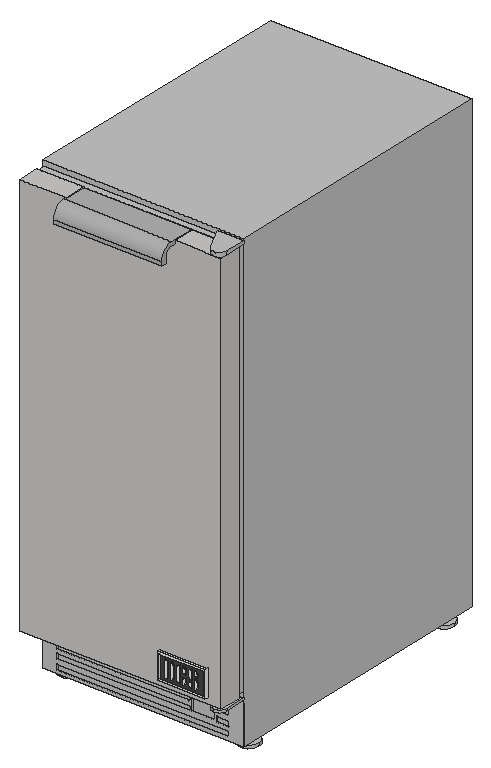
Revit family "RF15IR2_Outdoor_Fridge_9000xxxxxxA", category Specialty Equipment, Revit 2018
Family settings
  Round Connector Dimension = Use Diameter
  Part Type = Normal
  OmniClass Number = 23.40.40.00
  OmniClass Title = Food Service Equipment and Furnishings
  Work Plane-Based = No
  Always vertical = Yes
  Cut with Voids When Loaded = Yes
  Shared = No
  Room Calculation Point = No
Parameters
  Visibility - Clearance Required = yes
  URL = "www.dcsappliances.com"
  Product - Width = 378 mm  # constant formula
  Product - Height (870mm to 889mm) = 870 mm
  Product - Depth = 630 mm  # constant formula
  Model = "RF15IR2"
  Material - Handle = DCS - Aluminium
  Material - Door Front = DCS - Stainless Steel
  Material - Body = DCS - Grey
  Manufacturer = "Fisher & Paykel Appliances"
  Keynote = ""
  Description = "Outdoor Clear Ice Maker"
  Connector Description - Electrical = "110-120 V, 60 Hz, 15 A dedicated circuit"
  Chassis - Width = 378 mm  # constant formula
  Chassis - Height = 854 mm  # constant formula
  Chassis - Depth = 546 mm  # constant formula
  Cavity - Width = 381 mm  # constant formula
  Cavity - Height (876mm to 895mm) = 889 mm  # constant formula
  Cavity - Depth = 610 mm  # constant formula
Reference planes
  plane 1 "Center (Front/Back)": y = 0
  plane 2: z = 0
  plane 3 "Center (Left/Right)": x = 0
  plane 4 "Product - LHS": x = -189
  plane 5 "Product - RHS": x = 189
  plane 6 "Cavity - LHS": x = -190.5
  plane 7 "Cavity - RHS": x = 190.5
  plane 8 "Product - Height": z = 870
  plane 9 "Cavity - Height": z = 876
  plane 10 "Chassis - Base": z = 16
  plane 11 "Door Front": y = -54
  plane 12 "Product - Depth": y = 546
  plane 13 "Cavity - Depth": y = 610
Forms (mm)
  Extrusion 1, solid, material "DCS - Grey" <- "Material - Body"
    sketch origin (0, 0, 0) x (0, 1, 0) y (0, 0, 1)
      loop
        line (0, 870) -> (0, 16) -> (534.001, 16) -> (534.001, 870) -> (0, 870)
    from -189 to 189
  Extrusion 2, solid, material "DCS - Aluminium" <- "Material - Handle"
    sketch origin (0, 0, 0) x (0, 1, 0) y (0, 0, 1)
      loop
        line (-13.13, 860.6) -> (-59.922, 860.6)
        arc (-59.922, 860.6) -> (-76.948, 853.548) -> (-84, 836.522) r 24.078
        line (-84, 836.522) -> (-84, 830.34) -> (-75.11, 830.34) -> (-75.11, 844.71)
        arc (-75.11, 844.71) -> (-69.603, 851.111) -> (-61.504, 853.5) r 14.926
        line (-61.504, 853.5) -> (-13.13, 853.5) -> (-13.13, 860.6)
    from -101.5 to 101.5
  Extrusion 3, solid, material "DCS - Grey" <- "Material - Body"
    sketch origin (0, 0, 1000) x (1, 0, 0) y (0, 0, 1)
      loop
        circle (-127.7, -859.9) r 7
    from -560.439 to -546
  Extrusion 4, solid, material "DCS - Clearance Required", visible <- "Visibility - Clearance Required", detail levels coarse
    sketch origin (0, 0, 0) x (1, 0, 0) y (0, 1, 0)
      loop
        line (-190.5, 610) -> (-190.5, 0) -> (190.5, 0) -> (190.5, 610) -> (-190.5, 610)
    from 0 to 876
  Extrusion 5, solid, material "DCS - Grey" <- "Material - Body"
    sketch origin (0, 0, 0) x (0, 1, 0) y (0, 0, 1)
      loop
        line (-13.13, 860.6) -> (-13.13, 107.384) -> (0, 107.384) -> (0, 860.6) -> (-13.13, 860.6)
    from -185.649 to 185.649
  Extrusion 6, solid, material "DCS - Grey" <- "Material - Body"
    sketch origin (0, 0, 0) x (1, 0, 0) y (0, 1, 0)
      loop
        circle (-168.3, 37) r 19
      loop
        circle (-168.3, 495.5) r 19
      loop
        circle (168.3, 37) r 19
      loop
        circle (168.3, 495.5) r 19
    from 0 to 4.9
  Extrusion 7, solid, material "DCS - Grey" <- "Material - Body"
    sketch origin (0, 0, 0) x (1, 0, 0) y (0, 1, 0)
      loop
        circle (-168.3, 495.5) r 6
      loop
        circle (-168.3, 37) r 6
      loop
        circle (168.3, 495.5) r 6
      loop
        circle (168.3, 37) r 6
    from 4.9 to 16
  Extrusion 8, solid, material "DCS - Clearance Required", visible <- "Visibility - Clearance Required", detail levels coarse
    sketch origin (0, 0, 0) x (1, 0, 0) y (0, 1, 0)
      loop
        line (189, -54) -> (-189, -54)
        arc (-189, -54) -> (-78.286, -321.286) -> (189, -432) r 378
        line (189, -432) -> (189, -344.472) -> (219, -344.472) -> (219, -141.528) -> (189, -141.528) -> (189, -54)
    from 102.24 to 860.6
  Extrusion 9, solid, material "DCS - Grey" <- "Material - Body", detail levels fine
    sketch origin (0, 0, 0) x (1, 0, 0) y (0, 1, 0)
      loop
        arc (163.724, -45.856) -> (178.403, -53.774) -> (189, -40.895) r 13.125
        line (189, -40.895) -> (189, 0) -> (138.951, 0) -> (163.724, -45.856)
    from 860.6 to 866.898
  Extrusion 10, solid, material "DCS - Grey" <- "Material - Body", detail levels fine
    sketch origin (0, 0, 0) x (1, 0, 0) y (0, 1, 0)
      loop
        arc (163.724, -45.856) -> (178.403, -53.774) -> (189, -40.895) r 13.125
        line (189, -40.895) -> (189, 0) -> (138.951, 0) -> (163.724, -45.856)
    from 93.901 to 97.228
  Extrusion 11, void
    sketch origin (0, 0, 0) x (1, 0, 0) y (0, 1, 0)
      loop
        line (-190.5, 610) -> (-190.5, 0) -> (190.5, 0) -> (190.5, 610) -> (-190.5, 610)
    from 0 to 876
  Extrusion 12, solid, material "DCS - Stainless Steel" <- "Material - Door Front"
    sketch origin (0, 0, 0) x (1, 0, 0) y (0, 0, 1)
      loop
        line (-189, 860.6) -> (-189, 102.24) -> (189, 102.24) -> (189, 860.6) -> (101.5, 860.6) -> (101.5, 853.5) -> (-101.5, 853.5) -> (-101.5, 860.6) -> (-189, 860.6)
    from 13.13 to 54
  Extrusion 13, solid, material "DCS - Grey" <- "Material - Body"
    sketch origin (0, 0, 0) x (0, 1, 0) y (0, 0, 1)
      loop
        line (534.001, 857.291) -> (534.001, 219.208) -> (546, 219.208) -> (546, 857.291) -> (534.001, 857.291)
    from -170 to 170
  Extrusion 14, solid, material "DCS - Grey" <- "Material - Body", detail levels fine
    sketch origin (0, 0, 0) x (1, 0, 0) y (0, 0, 1)
      loop
        line (-189, 92.2) -> (-189, 16) -> (189, 16) -> (189, 92.2) -> (-189, 92.2)
      loop
        line (-161.503, 85.316) -> (-161.503, 75.714) -> (161.503, 75.714) -> (161.503, 85.316) -> (-161.503, 85.316)
      loop
        line (-161.503, 67.703) -> (-161.503, 58.103) -> (89.122, 58.103) -> (89.122, 67.703) -> (-161.503, 67.703)
      loop
        line (-161.503, 50.097) -> (-161.503, 40.488) -> (89.122, 40.488) -> (89.122, 50.097) -> (-161.503, 50.097)
      loop
        line (-161.503, 32.484) -> (-161.503, 22.882) -> (161.503, 22.882) -> (161.503, 32.484) -> (-161.503, 32.484)
      loop
        line (138.096, 67.703) -> (138.096, 58.103) -> (161.503, 58.103) -> (161.503, 67.703) -> (138.096, 67.703)
      loop
        line (138.096, 50.097) -> (138.096, 40.488) -> (161.503, 40.488) -> (161.503, 50.097) -> (138.096, 50.097)
      loop
        line (92.19, 69.995) -> (92.19, 42.464) -> (135.024, 42.464) -> (135.024, 69.995) -> (92.19, 69.995)
    from 0 to 1
  Extrusion 15, solid, material "DCS - Grey" <- "Material - Body", detail levels fine
    sketch origin (0, 0, 0) x (1, 0, 0) y (0, 0, 1)
      loop
        circle (-127.7, 140.1) r 15.6
    from -546 to -534.001
Text (mm)
  text "Due to ongoing product development, product details are subject to change without notice. \nPlease always refer to www.fisherpaykel.com for the most current product information. \n© Fisher & Paykel 2020" at (41.04, -459.323, 0), in view "Ref. Level (Plan)"
Dimensions and locks
  equal spacing: plane 4 "Product - LHS", plane 3 "Center (Left/Right)", plane 5 "Product - RHS"
  plane 4 "Product - LHS" to plane 5 "Product - RHS" = 378 mm
  equal spacing: plane 6 "Cavity - LHS", plane 3 "Center (Left/Right)", plane 7 "Cavity - RHS"
  "Cavity - Width": plane 6 "Cavity - LHS" to plane 7 "Cavity - RHS"
  "Product - Height (870mm to 889mm)": plane 8 "Product - Height" to level
  locked: plane 9 "Cavity - Height" to plane 8 "Product - Height" at 6
  "Chassis - Height": plane 8 "Product - Height" to plane 10 "Chassis - Base"
  equal spacing: Extrusion 5, plane 3 "Center (Left/Right)", Extrusion 5
  locked: Extrusion 3 sketch curve to plane 10 "Chassis - Base" at 124.1
  locked: Extrusion 6 to level at 4.9
  locked: plane 10 "Chassis - Base" to Extrusion 8 at 86.24
  locked: plane 10 "Chassis - Base" to Extrusion 10 at 77.901
  locked: Extrusion 10 to Extrusion 10 at 3.327
  locked: plane 8 "Product - Height" to Extrusion 9 at 3.102  (x2)
  locked: nested 1 to plane 10 "Chassis - Base" at 146.24
  locked: plane 8 "Product - Height" to Extrusion 8 at 9.4
  "Product - Width": plane 4 "Product - LHS" to plane 5 "Product - RHS"
  locked: plane 10 "Chassis - Base" to Extrusion 15 sketch curve at 124.1
  locked: plane 11 "Door Front" to Extrusion 2 at 30
  "Chassis - Depth": plane 12 "Product - Depth" to plane 1 "Center (Front/Back)"
  "Product - Depth": plane 12 "Product - Depth" to Extrusion 2
  plane 13 "Cavity - Depth" to plane 1 "Center (Front/Back)" = 610 mm
  aligned and locked: level to plane 2
  aligned and locked: Extrusion 1 to plane 5 "Product - RHS"
  aligned and locked: plane 4 "Product - LHS" to Extrusion 1
  aligned and locked: plane 8 "Product - Height" to Extrusion 1
  aligned and locked: Extrusion 4 to level
  aligned and locked: plane 9 "Cavity - Height" to Extrusion 4
  aligned and locked: Extrusion 6 to level
  aligned and locked: Extrusion 7 to Extrusion 1
  aligned and locked: Extrusion 7 to Extrusion 6
  aligned and locked: Extrusion 1 to plane 10 "Chassis - Base"
  aligned and locked: Extrusion 11 to Extrusion 4  (x2)
  aligned and locked: Extrusion 9 to Extrusion 2
  aligned and locked: Extrusion 1 to Extrusion 13 sketch curve
  aligned and locked: Extrusion 12 to Extrusion 2
  aligned and locked: Extrusion 14 sketch curve to Extrusion 14 sketch curve
Automatic sketch dimensions
  plane 11 "Door Front" to Extrusion 2 sketch curve = 40.87 mm
  Extrusion 2 sketch curve to Extrusion 2 sketch curve = 46.792 mm
  Extrusion 2 sketch curve to Extrusion 2 sketch curve = 1.582 mm
  Extrusion 2 sketch curve to Extrusion 2 sketch curve = 13.606 mm
  Extrusion 2 sketch curve to Extrusion 2 sketch curve = 8.89 mm
  Extrusion 2 sketch curve to plane 8 "Product - Height" = 39.66 mm
  Extrusion 2 sketch curve to Extrusion 2 sketch curve = 6.182 mm
  Extrusion 2 sketch curve to Extrusion 2 sketch curve = 2.052 mm
  Extrusion 2 sketch curve to Extrusion 2 sketch curve = 8.188 mm
  plane 5 "Product - RHS" to Extrusion 3 sketch curve = 316.7 mm
  plane 1 "Center (Front/Back)" to Extrusion 4 sketch curve = 0 mm
  Extrusion 4 sketch curve to plane 6 "Cavity - LHS" = 0 mm
  Extrusion 4 sketch curve to plane 7 "Cavity - RHS" = 0 mm
  Extrusion 5 sketch curve to plane 1 "Center (Front/Back)" = 0 mm
  plane 1 "Center (Front/Back)" to Extrusion 5 sketch curve = 13.13 mm
  Extrusion 6 sketch curve to plane 4 "Product - LHS" = 20.7 mm  (x2)
  plane 5 "Product - RHS" to Extrusion 6 sketch curve = 20.7 mm  (x2)
  Extrusion 6 sketch curve to plane 1 "Center (Front/Back)" = 37 mm  (x2)
  Extrusion 7 sketch curve to plane 4 "Product - LHS" = 20.7 mm  (x2)
  plane 5 "Product - RHS" to Extrusion 7 sketch curve = 20.7 mm  (x2)
  Extrusion 7 sketch curve to plane 1 "Center (Front/Back)" = 37 mm  (x2)
  plane 1 "Center (Front/Back)" to Extrusion 11 sketch curve = 0 mm
  Extrusion 11 sketch curve to plane 6 "Cavity - LHS" = 0 mm
  Extrusion 11 sketch curve to plane 7 "Cavity - RHS" = 0 mm
  plane 4 "Product - LHS" to Extrusion 12 sketch curve = 0 mm
  plane 5 "Product - RHS" to Extrusion 12 sketch curve = 0 mm
  Extrusion 12 sketch curve to plane 3 "Center (Left/Right)" = 101.5 mm
  Extrusion 12 sketch curve to plane 8 "Product - Height" = 16.5 mm
  plane 5 "Product - RHS" to Extrusion 12 sketch curve = 87.5 mm
  plane 10 "Chassis - Base" to Extrusion 12 sketch curve = 86.24 mm
  Extrusion 12 sketch curve to Extrusion 12 sketch curve = 7.1 mm  (x2)
  plane 10 "Chassis - Base" to Extrusion 5 sketch curve = 91.384 mm
  Extrusion 5 sketch curve to plane 8 "Product - Height" = 9.4 mm
  Extrusion 1 sketch curve to plane 1 "Center (Front/Back)" = 0 mm
  Extrusion 1 sketch curve to plane 10 "Chassis - Base" = 0 mm
  Extrusion 1 sketch curve to plane 8 "Product - Height" = 0 mm
  plane 10 "Chassis - Base" to Extrusion 13 sketch curve = 203.208 mm
  Extrusion 13 sketch curve to plane 8 "Product - Height" = 12.709 mm
  plane 4 "Product - LHS" to Extrusion 14 sketch curve = 0 mm
  plane 5 "Product - RHS" to Extrusion 14 sketch curve = 0 mm
  Extrusion 14 sketch curve to plane 10 "Chassis - Base" = 0 mm
  Extrusion 14 sketch curve to plane 4 "Product - LHS" = 27.497 mm  (x2)
  Extrusion 14 sketch curve to Extrusion 14 sketch curve = 0 mm  (x6)
  plane 10 "Chassis - Base" to Extrusion 14 sketch curve = 42.103 mm
  plane 3 "Center (Left/Right)" to Extrusion 14 sketch curve = 89.122 mm
  Extrusion 14 sketch curve to Extrusion 14 sketch curve = 3.068 mm
  Extrusion 14 sketch curve to Extrusion 14 sketch curve = 42.833 mm
  Extrusion 14 sketch curve to Extrusion 14 sketch curve = 3.072 mm
  Extrusion 14 sketch curve to Extrusion 14 sketch curve = 23.407 mm
  plane 10 "Chassis - Base" to Extrusion 14 sketch curve = 6.882 mm
  Extrusion 14 sketch curve to Extrusion 14 sketch curve = 9.602 mm  (x2)
  plane 10 "Chassis - Base" to Extrusion 14 sketch curve = 24.488 mm
  Extrusion 14 sketch curve to Extrusion 14 sketch curve = 17.615 mm
  Extrusion 14 sketch curve to Extrusion 14 sketch curve = 1.976 mm
  Extrusion 14 sketch curve to Extrusion 14 sketch curve = 8.006 mm  (x2)
  Extrusion 14 sketch curve to Extrusion 14 sketch curve = 9.609 mm
  Extrusion 14 sketch curve to Extrusion 14 sketch curve = 9.6 mm  (x2)
  Extrusion 14 sketch curve to Extrusion 14 sketch curve = 2.292 mm
  Extrusion 14 sketch curve to Extrusion 14 sketch curve = 8.011 mm
  Extrusion 14 sketch curve to Extrusion 14 sketch curve = 6.884 mm
  Extrusion 15 sketch curve to plane 4 "Product - LHS" = 61.3 mm
  Extrusion 13 sketch curve to Extrusion 13 sketch curve = 11.999 mm
  Extrusion 1 sketch curve to plane 12 "Product - Depth" = 11.999 mm
  plane 12 "Product - Depth" to Extrusion 4 sketch curve = 64 mm
  Extrusion 6 sketch curve to plane 12 "Product - Depth" = 50.5 mm  (x2)
  Extrusion 7 sketch curve to plane 12 "Product - Depth" = 50.5 mm  (x2)
  plane 12 "Product - Depth" to Extrusion 11 sketch curve = 64 mm
  Extrusion 8 sketch curve to plane 4 "Product - LHS" = 0 mm
  Extrusion 8 sketch curve to plane 5 "Product - RHS" = 0 mm  (x2)
  Extrusion 8 sketch curve to plane 11 "Door Front" = 0 mm
  Extrusion 8 sketch curve to plane 7 "Cavity - RHS" = 28.5 mm
  Extrusion 8 sketch curve to Extrusion 8 sketch curve = 87.528 mm
  Extrusion 8 sketch curve to plane 11 "Door Front" = 87.528 mm
  plane 1 "Center (Front/Back)" to Extrusion 9 sketch curve = 0 mm
  Extrusion 9 sketch curve to plane 5 "Product - RHS" = 0 mm
  Extrusion 9 sketch curve to Extrusion 9 sketch curve = 50.049 mm
  plane 11 "Door Front" to Extrusion 9 sketch curve = 8.144 mm
  plane 5 "Product - RHS" to Extrusion 9 sketch curve = 25.276 mm
  plane 11 "Door Front" to Extrusion 9 sketch curve = 13.105 mm
  plane 1 "Center (Front/Back)" to Extrusion 10 sketch curve = 0 mm
  Extrusion 10 sketch curve to plane 5 "Product - RHS" = 0 mm
  Extrusion 10 sketch curve to Extrusion 10 sketch curve = 50.049 mm
  plane 11 "Door Front" to Extrusion 10 sketch curve = 8.144 mm
  plane 5 "Product - RHS" to Extrusion 10 sketch curve = 25.276 mm
  plane 11 "Door Front" to Extrusion 10 sketch curve = 13.105 mm
  radius of Extrusion 3 sketch curve = 7 mm
  radius of Extrusion 6 sketch curve = 19 mm  (x4)
  radius of Extrusion 7 sketch curve = 6 mm  (x4)
  radius of Extrusion 15 sketch curve = 15.6 mm
Nested families
  nested 1: "DCS Logo New Large" at (118.6, -54, 137.74), type "DCS Logo New Large"
Connectors
  electrical at (-127.7, 560.439, 140.1), driven by "Connector Description - Electrical"
    settings: on Extrusion 3, index 1, voltage 120 V, apparent load 0 VA, apparent load phase1 0 VA, apparent load phase2 0 VA, apparent load phase3 0 VA, power factor 1, load classification "Other", number of poles 1, system type 30, power factor state 1, is connector primary yes, connector utility no, sub classification motor no, connector description "110-120 V, 60 Hz, 15 A dedicated circuit"
Definition of nested family "DCS Logo New Large"
  Parameters (values of type "DCS Logo New Large")
    URL = "www.dcsappliances.com"
    Product - Width = 89.45 mm
    Product - Height = 49 mm
    Product - Depth = 6 mm
    Material - Logo = none
    Material - Body = none
    Manufacturer = "Fisher & Paykel Appliances"
  Reference planes
    plane 1 "Center (Front/Back)": y = 0
    plane 2: z = 0
    plane 3 "Center (Left/Right)": x = 0
    plane 4 "Product Top": z = 24.5
    plane 5 "Product LHS": x = -44.725
    plane 6 "Product RHS": x = 44.725
    plane 7 "Product - Depth": y = -6
    plane 8 "Product Bottom": z = -24.5
  Forms (mm)
    Extrusion 1, solid, material <- "Material - Logo", detail levels medium+fine
      sketch origin (0, 0, -0.347) x (1, 0, 0) y (0, 0, 1)
        loop
          line (-44.725, 24.847) -> (-44.725, -24.153) -> (44.725, -24.153) -> (44.725, 24.847) -> (-44.725, 24.847)
        loop
          line (-41.725, 21.847) -> (-41.725, -21.153) -> (41.725, -21.153) -> (41.725, 21.847) -> (-41.725, 21.847)
      from 0 to 6
    Extrusion 2, solid, material <- "Material - Body", detail levels medium+fine
      sketch origin (0, 0, 0) x (1, 0, 0) y (0, 0, 1)
        loop
          line (-41.725, 21.5) -> (-41.725, -21.5) -> (41.725, -21.5) -> (41.725, 21.5) -> (-41.725, 21.5)
      from 0 to 4.974
    Extrusion 3, solid, material <- "Material - Logo", detail levels fine
      sketch origin (0, 0, 0) x (1, 0, 0) y (0, 0, 1)
        loop
          line (-31.141, 15.364) -> (-31.141, -15.364) -> (-25.323, -15.364) -> (-25.323, 15.364) -> (-31.141, 15.364)
        loop
          arc (-20.07, -15.416) -> (-15.93, -13.415) -> (-14.252, -9.134) r 6.301
          line (-14.252, -9.134) -> (-14.252, 9.134)
          arc (-14.252, 9.134) -> (-15.93, 13.414) -> (-20.07, 15.412) r 6.296
          line (-20.07, 15.412) -> (-20.07, -15.416)
        loop
          arc (-8.445, -9.134) -> (-6.767, -13.414) -> (-2.627, -15.412) r 6.296
          line (-2.627, -15.412) -> (-2.627, 15.416)
          arc (-2.627, 15.416) -> (-6.767, 13.415) -> (-8.445, 9.134) r 6.301
          line (-8.445, 9.134) -> (-8.445, -9.134)
        loop
          arc (2.627, -15.377) -> (6.765, -13.401) -> (8.445, -9.134) r 6.259
          line (8.445, -9.134) -> (8.445, -4.011) -> (2.627, -4.011) -> (2.627, -15.377)
        loop
          arc (8.445, 9.134) -> (6.767, 13.414) -> (2.627, 15.412) r 6.296
          line (2.627, 15.412) -> (2.627, 4.011) -> (8.445, 4.011) -> (8.445, 9.134)
        loop
          line (20.07, -2.527) -> (20.07, 15.375)
          arc (20.07, 15.375) -> (15.932, 13.4) -> (14.252, 9.134) r 6.257
          line (14.252, 9.134) -> (14.252, 4.145)
          arc (14.252, 4.145) -> (16.005, -0.199) -> (20.07, -2.527) r 7.155
        loop
          line (14.252, -6.875) -> (14.252, -9.134)
          arc (14.252, -9.134) -> (15.93, -13.414) -> (20.07, -15.412) r 6.296
          line (20.07, -15.412) -> (20.07, -6.875) -> (14.252, -6.875)
        loop
          line (25.323, 2.499) -> (25.323, -15.378)
          arc (25.323, -15.378) -> (29.461, -13.401) -> (31.141, -9.134) r 6.259
          line (31.141, -9.134) -> (31.141, -4.145)
          arc (31.141, -4.145) -> (29.481, 0.271) -> (25.323, 2.499) r 6.702
        loop
          line (25.323, 6.875) -> (31.141, 6.875) -> (31.141, 9.134)
          arc (31.141, 9.134) -> (29.464, 13.419) -> (25.323, 15.427) r 6.313
          line (25.323, 15.427) -> (25.323, 6.875)
      from 4.974 to 6
  Dimensions and locks
    plane 7 "Product - Depth" to plane 1 "Center (Front/Back)" = 6 mm
    equal spacing: Extrusion 1 sketch curve, plane 3 "Center (Left/Right)", Extrusion 1 sketch curve
    "Product - Depth": plane 7 "Product - Depth" to plane 1 "Center (Front/Back)"
    equal spacing: plane 4 "Product Top", level, plane 8 "Product Bottom"
    "Product - Height": plane 4 "Product Top" to plane 8 "Product Bottom"
    equal spacing: plane 5 "Product LHS", plane 3 "Center (Left/Right)", plane 6 "Product RHS"
    "Product - Width": plane 5 "Product LHS" to plane 6 "Product RHS"
    aligned and locked: level to plane 2
    aligned and locked: Extrusion 1 to plane 7 "Product - Depth"
    aligned and locked: Extrusion 3 to plane 7 "Product - Depth"
    aligned and locked: plane 6 "Product RHS" to Extrusion 1 sketch curve
    aligned and locked: Extrusion 1 sketch curve to plane 4 "Product Top"
    aligned and locked: plane 8 "Product Bottom" to Extrusion 1 sketch curve
    aligned and locked: Extrusion 1 sketch curve to plane 5 "Product LHS"
    aligned and locked: Extrusion 2 sketch curve to Extrusion 1  (x4)
  Automatic sketch dimensions
    Extrusion 3 sketch curve to plane 5 "Product LHS" = 13.584 mm
    Extrusion 3 sketch curve to Extrusion 3 sketch curve = 5.818 mm  (x5)
    Extrusion 3 sketch curve to Extrusion 3 sketch curve = 4.771 mm
    Extrusion 3 sketch curve to Extrusion 3 sketch curve = 4.775 mm
    Extrusion 3 sketch curve to Extrusion 3 sketch curve = 6.296 mm
    Extrusion 3 sketch curve to Extrusion 3 sketch curve = 5.807 mm  (x3)
    Extrusion 3 sketch curve to plane 3 "Center (Left/Right)" = 2.627 mm
    Extrusion 3 sketch curve to plane 3 "Center (Left/Right)" = 2.149 mm
    Extrusion 3 sketch curve to plane 3 "Center (Left/Right)" = 2.144 mm
    plane 3 "Center (Left/Right)" to Extrusion 3 sketch curve = 2.148 mm
    plane 3 "Center (Left/Right)" to Extrusion 3 sketch curve = 2.186 mm
    plane 3 "Center (Left/Right)" to Extrusion 3 sketch curve = 2.627 mm  (x2)
    Extrusion 3 sketch curve to level = 2.527 mm
    Extrusion 3 sketch curve to Extrusion 3 sketch curve = 0 mm  (x3)
    Extrusion 3 sketch curve to Extrusion 3 sketch curve = 0.439 mm
    Extrusion 3 sketch curve to Extrusion 3 sketch curve = 0.478 mm
    level to Extrusion 3 sketch curve = 4.504 mm
    Extrusion 3 sketch curve to Extrusion 3 sketch curve = 0.889 mm
    Extrusion 3 sketch curve to Extrusion 3 sketch curve = 4.369 mm
    Extrusion 3 sketch curve to Extrusion 3 sketch curve = 4.32 mm
    Extrusion 3 sketch curve to Extrusion 3 sketch curve = 4.334 mm
    Extrusion 3 sketch curve to Extrusion 3 sketch curve = 5.254 mm  (x3)
    Extrusion 3 sketch curve to Extrusion 3 sketch curve = 6.702 mm
    Extrusion 3 sketch curve to level = 4.011 mm
    Extrusion 3 sketch curve to level = 4.145 mm
    Extrusion 3 sketch curve to Extrusion 3 sketch curve = 2.865 mm
    Extrusion 3 sketch curve to Extrusion 3 sketch curve = 4.989 mm
    Extrusion 3 sketch curve to Extrusion 3 sketch curve = 5.123 mm  (x2)
    Extrusion 3 sketch curve to Extrusion 3 sketch curve = 2.259 mm  (x2)
    Extrusion 3 sketch curve to level = 9.134 mm
    Extrusion 3 sketch curve to Extrusion 3 sketch curve = 6.23 mm  (x2)
    level to Extrusion 3 sketch curve = 4.011 mm
    level to Extrusion 3 sketch curve = 6.875 mm
    level to Extrusion 3 sketch curve = 9.134 mm
    Extrusion 3 sketch curve to Extrusion 3 sketch curve = 4.63 mm
    Extrusion 1 sketch curve to plane 5 "Product LHS" = 3 mm
    Extrusion 1 sketch curve to plane 4 "Product Top" = 3 mm
    plane 8 "Product Bottom" to Extrusion 1 sketch curve = 3 mm
